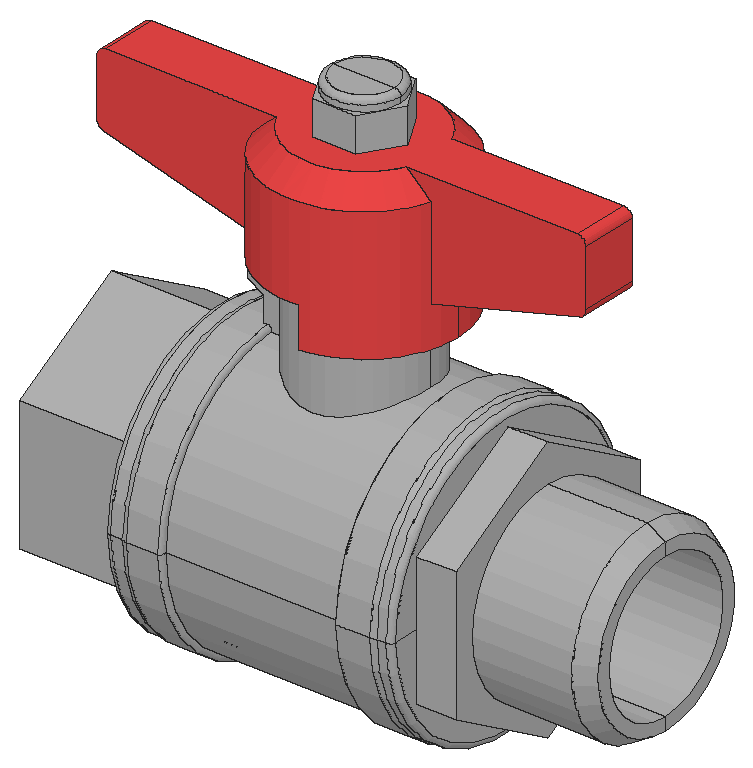
Revit family "QA05200000", category Apparecchi idraulici, Revit 2016
Family settings
  Tipo di parte = Normale
  Quota connettore circolare = Usa diametro
  Numero OmniClass = 23.45.00.00
  Titolo OmniClass = Sanitary, Laundry, and Cleaning Equipment
  Basato su piano di lavoro = No
  Sempre verticale = Sì
  Taglio con vuoti quando caricato = No
  Condiviso = No
  Punto di calcolo locali = No
Parameters
  URL = "https://web.cimberio.it/index.php/figura/303?subcategoria_id=42417"
  DN Model [instance] = QA05201025 : QA05201025
  DN [instance] = 25 mm
Reference planes
  plane 1 "Centro (Fronte/Retro)": y = 0
  plane 2: z = 0
  plane 3 "Centro (Sinistra/Destra)": x = 0
Dimensions and locks
  aligned and locked: level to plane 2
Nested families
  nested 1: "QA05201025" at (0, 0, 0), type <- "DN Model", type "QA05201025"
  nested 2: "QA05201025" at (0, 0, 0), type <- "DN Model", type "QA05201025"
  nested 3: "QA05201025" at (0, 0, 0), type <- "DN Model", type "QA05201025"
  nested 4: "QA05201025" at (0, 0, 0), type <- "DN Model", type "QA05201025"
  nested 5: "QA05201025" at (0, 0, 0), type <- "DN Model", type "QA05201025"
  nested 6: "QA05201025" at (0, 0, 0), type <- "DN Model", type "QA05201025"
  nested 7: "QA05201025" at (0, 0, 0), type <- "DN Model", type "QA05201025"
  nested 8: "QA05201025" at (0, 0, 0), type <- "DN Model", type "QA05201025"
Connectors
  piping at (52.4, 0, 0), diameter 25, driven by "DN"
    settings: on nested 1, index 1, connector inside diameter 609.6 mm, connector length 0 mm, flow factor 0, pipe flow 0.0 L/s, pressure drop 0.0 Pa, fitting loss kfactor 0, connector angle 0.00°, fixture units 0, engagement length 0 mm, angle of deflection 0.00°, flow configuration 0, flow direction 0, fitting loss method 0, system type 7, joint type 0, gender type 0, connector reference index -1, connector utility 0, adjustable connector no, is connector primary yes, connector description ""
  piping at (-43.9, 0, 0), diameter 25, driven by "DN"
    settings: on nested 1, index 2, connector inside diameter 609.6 mm, connector length 0 mm, flow factor 0, pipe flow 0.0 L/s, pressure drop 0.0 Pa, fitting loss kfactor 0, connector angle 0.00°, fixture units 0, engagement length 0 mm, angle of deflection 0.00°, flow configuration 0, flow direction 0, fitting loss method 0, system type 7, joint type 0, gender type 0, connector reference index -1, connector utility 0, adjustable connector no, is connector primary no, connector description ""
Definition of nested family "QA05201025"
  Reference planes
    plane 1 "Centro (Fronte/Retro)": y = 0
    plane 2: z = 0
    plane 3 "Centro (Sinistra/Destra)": x = 0
  Forms (mm)
    Extrusion 1, solid
      sketch origin (-1.996, 0, 4.955) x (1, 0, 0) y (0, 0, 1)
        loop
          line (-17.004, 33.845) -> (-17.004, 26.355) -> (-14.254, 24.767) -> (-14.254, 9.005) -> (-5.604, 9.005) -> (-5.604, 33.845) -> (-17.004, 33.845)
      from 0 to 1.497
    Revolve 2, solid
      sketch origin (0, 0, 0) x (0, 1, 0) y (-1, 0, 0)
        loop
          line (9.248, 19.5) -> (9.248, -20.1) -> (22.489, -20.1)
          arc (22.489, -20.1) -> (23.203, -19.804) -> (23.498, -19.091) r 1.009
          line (23.498, -19.091) -> (23.498, -9.324)
          arc (23.498, -9.324) -> (23.406, -8.846) -> (23.099, -8.468) r 1
          arc (23.099, -8.468) -> (22.839, -7.883) -> (22.75, -7.25) r 2.298
          line (22.75, -7.25) -> (22.75, 12.315)
          arc (22.75, 12.315) -> (22.67, 12.717) -> (22.443, 13.057) r 1.049
          line (22.443, 13.057) -> (20.834, 14.666)
          arc (20.834, 14.666) -> (20.587, 15.036) -> (20.5, 15.472) r 1.139
          line (20.5, 15.472) -> (20.5, 19.5) -> (9.248, 19.5)
        axis (0, 19.5) -> (0, -20.1)
      angle from 0 to 360
    Revolve 3, solid
      sketch origin (0, 0, 0) x (1, 0, 0) y (0, 0, 1)
        loop
          line (0, 60.8) -> (-12.25, 60.8) -> (-16.25, 56.8) -> (-16.25, 33.8) -> (-10.467, 33.8) -> (-10.467, 45.453) -> (0, 45.453) -> (0, 60.8)
        axis (0, 33.8) -> (0, 60.8)
      angle from 0 to 360
    Extrusion 4, void
      sketch origin (0, 0, 58.3) x (-1, 0, 0) y (0, 1, 0)
        loop
          line (17.996, 0) -> (10.467, 0)
          arc (10.467, 0) -> (6.812, -7.947) -> (-1.6, -10.344) r 10.467
          line (-1.6, -10.344) -> (-1.6, -18.578)
          arc (-1.6, -18.578) -> (15.234, -16.711) -> (17.996, 0) r 14.025
      from 17.5 to 31.018
    Revolve 5, solid
      sketch origin (0, 0, 0) x (0, 1, 0) y (-1, 0, 0)
        loop
          line (12.5, 24.9) -> (12.5, -24.9) -> (24.25, -24.9)
          arc (24.25, -24.9) -> (24.957, -24.607) -> (25.25, -23.9) r 1
          line (25.25, -23.9) -> (25.25, -22.33) -> (25.5, -21.397) -> (25.5, -15.5)
          arc (25.5, -15.5) -> (25.059, -15.132) -> (24.5, -15) r 1.253
          line (24.5, -15) -> (24.5, 15)
          arc (24.5, 15) -> (25.068, 15.114) -> (25.5, 15.5) r 1.101
          line (25.5, 15.5) -> (25.5, 20.967) -> (25.25, 21.9) -> (25.25, 23.9)
          arc (25.25, 23.9) -> (24.957, 24.607) -> (24.25, 24.9) r 1
          line (24.25, 24.9) -> (12.5, 24.9)
        axis (0, 24.9) -> (0, -24.9)
      angle from 0 to 360
    Extrusion 6, solid
      sketch origin (-16, 0, 0) x (0, 0, 1) y (0, 1, 0)
        loop
          circle (0, 0) r 12.5
        loop
          line (23, 0) -> (11.5, 19.919) -> (-11.5, 19.919) -> (-23, 0) -> (-11.5, -19.919) -> (11.5, -19.919) -> (23, 0)
      from 8.9 to 27.9
    Extrusion 7, solid
      sketch origin (16, 0, 0) x (0, 0, 1) y (0, -1, 0)
        loop
          circle (0, 0) r 12.5
        loop
          line (23, 0) -> (11.5, 19.919) -> (-11.5, 19.919) -> (-23, 0) -> (-11.5, -19.919) -> (11.5, -19.919) -> (23, 0)
      from 8.9 to 15.9
    Revolve 8, solid
      sketch origin (0, 0, 0) x (1, 0, 0) y (0, 0, 1)
        loop
          line (31.9, 12.5) -> (52.4, 12.5) -> (52.4, 14.727) -> (49.307, 16.575) -> (31.9, 16.575) -> (31.9, 12.5)
        axis (52.4, 0) -> (31.9, 0)
      angle from 0 to 360
    Revolve 9, solid
      sketch origin (0, 0, 0) x (1, 0, 0) y (0, 0, 1)
        loop
          line (0, 42.985) -> (-11.5, 42.985) -> (-11.5, 21.195) -> (0, 21.195) -> (0, 42.985)
        axis (0, 21.195) -> (0, 42.985)
      angle from 0 to 360
    Revolve 10, solid
      sketch origin (0, 0, 0) x (1, 0, 0) y (0, 0, 1)
        loop
          line (0, 68.8) -> (0, 66.8) -> (6.25, 66.8) -> (6.25, 67.8)
          arc (6.25, 67.8) -> (5.957, 68.507) -> (5.25, 68.8) r 1
          line (5.25, 68.8) -> (0, 68.8)
        axis (0, 68.8) -> (0, 66.8)
      angle from 0 to 360
    Extrusion 11, solid
      sketch origin (0, 0, 58.3) x (0, 1, 0) y (-1, 0, 0)
        loop
          line (0, -7.501) -> (6.496, -3.751) -> (6.496, 3.751) -> (0, 7.501) -> (-6.496, 3.751) -> (-6.496, -3.751) -> (0, -7.501)
      from 2.5 to 8.5
    Extrusion 12, solid
      sketch origin (0, 0, 0) x (1, 0, 0) y (0, 0, 1)
        loop
          line (-11.107, 60.8) -> (-41, 60.8)
          arc (-41, 60.8) -> (-42.061, 60.361) -> (-42.5, 59.3) r 1.5
          line (-42.5, 59.3) -> (-42.5, 49.451)
          arc (-42.5, 49.451) -> (-42.19, 48.538) -> (-41.388, 48.002) r 1.5
          line (-41.388, 48.002) -> (-15.779, 41.14) -> (-11.107, 41.14) -> (-11.107, 60.8)
        loop
          line (11.107, 60.8) -> (11.107, 41.14) -> (15.779, 41.14) -> (41.388, 48.002)
          arc (41.388, 48.002) -> (42.19, 48.538) -> (42.5, 49.451) r 1.5
          line (42.5, 49.451) -> (42.5, 59.3)
          arc (42.5, 59.3) -> (42.061, 60.361) -> (41, 60.8) r 1.5
          line (41, 60.8) -> (11.107, 60.8)
      from -5 to 5
  Cuts and joins
    joined: Extrusion 1, Revolve 2
    Extrusion 4 cuts Revolve 3
    joined: Revolve 3, Extrusion 12
  Dimensions and locks
    aligned and locked: level to plane 2
